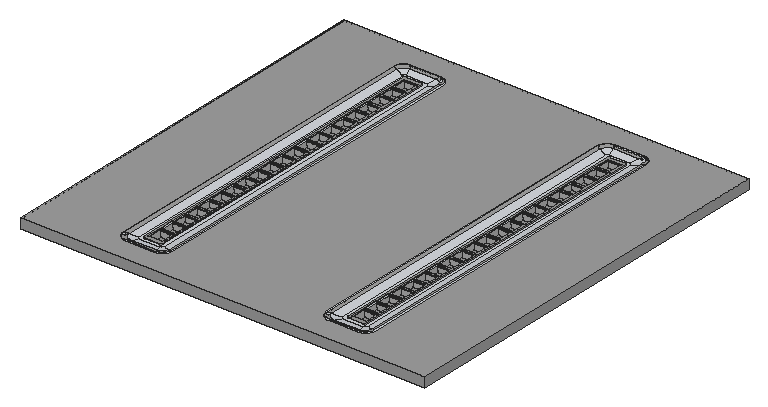
Revit family "0044002 Sylvania Lighting Fixture OptiClip 600 4000K C8 WH SSC WHITE", category Lighting Fixtures, host Face, Revit 2016 (continued)
Automatic sketch dimensions
  Blend 25 sketch curve to plane 64 = 4.7 mm
  Extrusion 26 sketch curve to plane 75 = 0 mm
  Extrusion 26 sketch curve to plane 77 = 0 mm
  Extrusion 26 sketch curve to plane 76 = 0 mm
  Extrusion 26 sketch curve to plane 74 = 0 mm
  Extrusion 27 sketch curve to plane 77 = 0 mm
  Extrusion 27 sketch curve to plane 76 = 0 mm
  plane 33 to Extrusion 27 sketch curve = 4.7 mm
  Extrusion 27 sketch curve to plane 32 = 4.7 mm
  Extrusion 28 sketch curve to plane 77 = 0 mm
  Extrusion 28 sketch curve to plane 76 = 0 mm
  plane 35 to Extrusion 28 sketch curve = 4.655 mm
  Extrusion 28 sketch curve to plane 34 = 4.7 mm
  Extrusion 29 sketch curve to plane 77 = 0 mm
  Extrusion 29 sketch curve to plane 76 = 0 mm
  plane 37 to Extrusion 29 sketch curve = 4.745 mm
  Extrusion 29 sketch curve to plane 36 = 4.7 mm
  Extrusion 30 sketch curve to plane 77 = 0 mm
  Extrusion 30 sketch curve to plane 76 = 0 mm
  plane 39 to Extrusion 30 sketch curve = 4.7 mm
  Extrusion 30 sketch curve to plane 38 = 4.7 mm
  Extrusion 31 sketch curve to plane 77 = 0 mm
  Extrusion 31 sketch curve to plane 76 = 0 mm
  plane 41 to Extrusion 31 sketch curve = 4.7 mm
  Extrusion 31 sketch curve to plane 40 = 4.7 mm
  Extrusion 32 sketch curve to plane 77 = 0 mm
  Extrusion 32 sketch curve to plane 76 = 0 mm
  plane 43 to Extrusion 32 sketch curve = 4.7 mm
  Extrusion 32 sketch curve to plane 42 = 4.7 mm
  Extrusion 33 sketch curve to plane 77 = 0 mm
  Extrusion 33 sketch curve to plane 76 = 0 mm
  plane 45 to Extrusion 33 sketch curve = 4.674 mm
  Extrusion 33 sketch curve to plane 44 = 4.7 mm
  Extrusion 34 sketch curve to plane 77 = 0 mm
  Extrusion 34 sketch curve to plane 76 = 0 mm
  plane 47 to Extrusion 34 sketch curve = 4.726 mm
  Extrusion 34 sketch curve to plane 46 = 4.7 mm
  Extrusion 35 sketch curve to plane 77 = 0 mm
  Extrusion 35 sketch curve to plane 76 = 0 mm
  plane 49 to Extrusion 35 sketch curve = 4.7 mm
  Extrusion 35 sketch curve to plane 48 = 4.7 mm
  Extrusion 36 sketch curve to plane 77 = 0 mm
  Extrusion 36 sketch curve to plane 76 = 0 mm
  plane 51 to Extrusion 36 sketch curve = 4.7 mm
  Extrusion 36 sketch curve to plane 50 = 4.7 mm
  Extrusion 37 sketch curve to plane 77 = 0 mm
  Extrusion 37 sketch curve to plane 76 = 0 mm
  plane 53 to Extrusion 37 sketch curve = 4.7 mm
  Extrusion 37 sketch curve to plane 52 = 4.7 mm
  Extrusion 38 sketch curve to plane 77 = 0 mm
  Extrusion 38 sketch curve to plane 76 = 0 mm
  plane 55 to Extrusion 38 sketch curve = 4.7 mm
  Extrusion 38 sketch curve to plane 54 = 4.7 mm
  Extrusion 39 sketch curve to plane 77 = 0 mm
  Extrusion 39 sketch curve to plane 76 = 0 mm
  plane 57 to Extrusion 39 sketch curve = 4.655 mm
  Extrusion 39 sketch curve to plane 56 = 4.7 mm
  Extrusion 40 sketch curve to plane 77 = 0 mm
  Extrusion 40 sketch curve to plane 76 = 0 mm
  plane 59 to Extrusion 40 sketch curve = 4.745 mm
  Extrusion 40 sketch curve to plane 58 = 4.7 mm
  Extrusion 41 sketch curve to plane 77 = 0 mm
  Extrusion 41 sketch curve to plane 76 = 0 mm
  plane 61 to Extrusion 41 sketch curve = 4.7 mm
  Extrusion 41 sketch curve to plane 60 = 4.7 mm
  Extrusion 42 sketch curve to plane 77 = 0 mm
  Extrusion 42 sketch curve to plane 76 = 0 mm
  plane 63 to Extrusion 42 sketch curve = 4.7 mm
  Extrusion 42 sketch curve to plane 62 = 4.7 mm
  Extrusion 43 sketch curve to plane 77 = 0 mm
  Extrusion 43 sketch curve to plane 76 = 0 mm
  plane 65 to Extrusion 43 sketch curve = 4.7 mm
  Extrusion 43 sketch curve to plane 64 = 4.7 mm
  Extrusion 44 sketch curve to plane 77 = 0 mm
  Extrusion 44 sketch curve to plane 76 = 0 mm
  plane 67 to Extrusion 44 sketch curve = 4.7 mm
  Extrusion 44 sketch curve to plane 66 = 4.7 mm
  Extrusion 45 sketch curve to plane 77 = 0 mm
  Extrusion 45 sketch curve to plane 76 = 0 mm
  plane 69 to Extrusion 45 sketch curve = 4.7 mm
  Extrusion 45 sketch curve to plane 68 = 4.7 mm
  Extrusion 46 sketch curve to plane 77 = 0 mm
  Extrusion 46 sketch curve to plane 76 = 0 mm
  plane 71 to Extrusion 46 sketch curve = 4.7 mm
  Extrusion 46 sketch curve to plane 70 = 4.7 mm
  plane 25 to Blend 47 sketch curve = 2.5 mm  (x2)
  plane 3 "Center (Left/Right)" to Blend 47 sketch curve = 114 mm
  Blend 47 sketch curve to plane 24 = 1 mm
  Blend 47 sketch curve to Blend 47 sketch curve = 15 mm  (x2)
  Blend 47 sketch curve to Blend 47 sketch curve = 42 mm  (x2)
  plane 20 to Blend 47 sketch curve = 0 mm
  plane 80 to Blend 47 sketch curve = 2 mm  (x2)
  plane 3 "Center (Left/Right)" to Blend 47 sketch curve = 130.5 mm
  plane 25 to Blend 47 sketch curve = 1 mm
  Blend 47 sketch curve to plane 81 = 2.155 mm
  Blend 47 sketch curve to Blend 47 sketch curve = 4 mm
  Blend 47 sketch curve to Blend 47 sketch curve = 30.692 mm
  Blend 47 sketch curve to Blend 47 sketch curve = 0.297 mm
  Blend 47 sketch curve to plane 81 = 2.222 mm
  Blend 47 sketch curve to Blend 47 sketch curve = 3.933 mm
  plane 24 to Blend 48 sketch curve = 0 mm
  plane 22 to Blend 48 sketch curve = 0 mm
  Blend 48 sketch curve to plane 20 = 1.5 mm  (x2)
  plane 25 to Blend 48 sketch curve = 2.5 mm  (x2)
  Blend 48 sketch curve to plane 10 = 110 mm
  Blend 48 sketch curve to Blend 48 sketch curve = 42 mm
  plane 26 to Blend 48 sketch curve = 0 mm
  plane 25 to Blend 48 sketch curve = 0 mm
  Blend 48 sketch curve to plane 81 = 2.155 mm  (x2)
  Blend 48 sketch curve to plane 81 = 2.066 mm
  plane 80 to Blend 48 sketch curve = 2 mm  (x2)
  Blend 48 sketch curve to plane 10 = 126.5 mm
  Blend 48 sketch curve to Blend 48 sketch curve = 3.014 mm
  Blend 48 sketch curve to Blend 48 sketch curve = 31.034 mm
  Blend 48 sketch curve to Blend 48 sketch curve = 30.692 mm
  plane 30 to Extrusion 49 sketch curve = 0 mm
  plane 29 to Extrusion 49 sketch curve = 0 mm
  plane 3 "Center (Left/Right)" to Extrusion 49 sketch curve = 140 mm
  Extrusion 49 sketch curve to Extrusion 49 sketch curve = 22 mm
  Blend 50 sketch curve to plane 67 = 0 mm
  Blend 50 sketch curve to plane 66 = 0 mm
  Blend 50 sketch curve to plane 73 = 0 mm
  Blend 50 sketch curve to plane 72 = 0 mm
  Blend 50 sketch curve to plane 77 = 0 mm
  Blend 50 sketch curve to plane 76 = 0 mm
  plane 67 to Blend 50 sketch curve = 4.7 mm
  Blend 50 sketch curve to plane 66 = 4.7 mm
  Blend 51 sketch curve to plane 69 = 0 mm
  Blend 51 sketch curve to plane 68 = 0 mm
  Blend 51 sketch curve to plane 73 = 0 mm
  Blend 51 sketch curve to plane 72 = 0 mm
  Blend 51 sketch curve to plane 77 = 0 mm
  Blend 51 sketch curve to plane 76 = 0 mm
  plane 69 to Blend 51 sketch curve = 4.7 mm
  Blend 51 sketch curve to plane 68 = 4.7 mm
  Blend 52 sketch curve to plane 71 = 0 mm
  Blend 52 sketch curve to plane 70 = 0 mm
  Blend 52 sketch curve to plane 73 = 0 mm
  Blend 52 sketch curve to plane 72 = 0 mm
  Blend 52 sketch curve to plane 77 = 0 mm
  Blend 52 sketch curve to plane 76 = 0 mm
  plane 71 to Blend 52 sketch curve = 4.7 mm
  Blend 52 sketch curve to plane 70 = 4.7 mm
  plane 82 to Extrusion 53 sketch curve = 0 mm  (x2)
  Extrusion 53 sketch curve to plane 80 = 0 mm
  plane 81 to Extrusion 53 sketch curve = 0 mm
  plane 3 "Center (Left/Right)" to Extrusion 53 sketch curve = 137.5 mm
  Extrusion 53 sketch curve to plane 30 = 1.726 mm
  Extrusion 53 sketch curve to Extrusion 53 sketch curve = 2.284 mm
  Extrusion 53 sketch curve to Extrusion 53 sketch curve = 22 mm
  Extrusion 53 sketch curve to plane 30 = 1.536 mm
  Extrusion 53 sketch curve to Extrusion 53 sketch curve = 2.456 mm
  plane 31 to Blend 54 sketch curve = 0 mm
  Blend 54 sketch curve to plane 29 = 1.75 mm
  Blend 54 sketch curve to plane 10 = 133.539 mm
  Blend 54 sketch curve to Blend 54 sketch curve = 20.961 mm
  plane 75 to Blend 54 sketch curve = 0 mm
  plane 74 to Blend 54 sketch curve = 0 mm
  Blend 54 sketch curve to plane 10 = 138.039 mm
  Blend 54 sketch curve to Blend 54 sketch curve = 11.961 mm
  plane 33 to Blend 55 sketch curve = 0 mm
  plane 32 to Blend 55 sketch curve = 0 mm
  Blend 55 sketch curve to plane 10 = 133.539 mm
  Blend 55 sketch curve to Blend 55 sketch curve = 20.961 mm
  plane 33 to Blend 55 sketch curve = 4.7 mm
  Blend 55 sketch curve to plane 32 = 4.7 mm
  Blend 55 sketch curve to plane 10 = 138.039 mm
  Blend 55 sketch curve to Blend 55 sketch curve = 11.961 mm
  plane 34 to Blend 56 sketch curve = 0 mm
  Blend 56 sketch curve to plane 35 = 0.045 mm
  Blend 56 sketch curve to plane 10 = 133.539 mm
  Blend 56 sketch curve to Blend 56 sketch curve = 20.961 mm
  plane 35 to Blend 56 sketch curve = 4.655 mm
  Blend 56 sketch curve to plane 34 = 4.7 mm
  Blend 56 sketch curve to plane 10 = 138.039 mm
  Blend 56 sketch curve to Blend 56 sketch curve = 11.961 mm
  plane 36 to Blend 57 sketch curve = 0 mm
  plane 37 to Blend 57 sketch curve = 0.045 mm
  Blend 57 sketch curve to plane 10 = 133.539 mm
  Blend 57 sketch curve to Blend 57 sketch curve = 20.961 mm
  plane 37 to Blend 57 sketch curve = 4.745 mm
  Blend 57 sketch curve to plane 36 = 4.7 mm
  Blend 57 sketch curve to plane 10 = 138.039 mm
  Blend 57 sketch curve to Blend 57 sketch curve = 11.961 mm
  plane 39 to Blend 58 sketch curve = 0 mm
  plane 38 to Blend 58 sketch curve = 0 mm
  Blend 58 sketch curve to plane 10 = 133.539 mm
  Blend 58 sketch curve to Blend 58 sketch curve = 20.961 mm
  plane 39 to Blend 58 sketch curve = 4.7 mm
  Blend 58 sketch curve to plane 38 = 4.7 mm
  Blend 58 sketch curve to plane 10 = 138.039 mm
  Blend 58 sketch curve to Blend 58 sketch curve = 11.961 mm
  plane 41 to Blend 59 sketch curve = 0 mm
  plane 40 to Blend 59 sketch curve = 0 mm
  Blend 59 sketch curve to plane 10 = 133.539 mm
  Blend 59 sketch curve to Blend 59 sketch curve = 20.961 mm
  plane 41 to Blend 59 sketch curve = 4.7 mm
  Blend 59 sketch curve to plane 40 = 4.7 mm
  Blend 59 sketch curve to plane 10 = 138.039 mm
  Blend 59 sketch curve to Blend 59 sketch curve = 11.961 mm
  plane 43 to Blend 60 sketch curve = 0 mm
  plane 42 to Blend 60 sketch curve = 0 mm
  Blend 60 sketch curve to plane 10 = 133.539 mm
  Blend 60 sketch curve to Blend 60 sketch curve = 20.961 mm
  plane 43 to Blend 60 sketch curve = 4.7 mm
  Blend 60 sketch curve to plane 42 = 4.7 mm
  Blend 60 sketch curve to plane 10 = 138.039 mm
  Blend 60 sketch curve to Blend 60 sketch curve = 11.961 mm
  plane 44 to Blend 61 sketch curve = 0 mm
  Blend 61 sketch curve to plane 45 = 0.026 mm
  Blend 61 sketch curve to plane 10 = 133.539 mm
  Blend 61 sketch curve to Blend 61 sketch curve = 20.961 mm
  plane 45 to Blend 61 sketch curve = 4.674 mm
  Blend 61 sketch curve to plane 44 = 4.7 mm
  Blend 61 sketch curve to plane 10 = 138.039 mm
  Blend 61 sketch curve to Blend 61 sketch curve = 11.961 mm
  plane 46 to Blend 62 sketch curve = 0 mm
  plane 47 to Blend 62 sketch curve = 0.026 mm
  Blend 62 sketch curve to plane 10 = 133.539 mm
  Blend 62 sketch curve to Blend 62 sketch curve = 20.961 mm
  plane 47 to Blend 62 sketch curve = 4.726 mm
  Blend 62 sketch curve to plane 46 = 4.7 mm
  Blend 62 sketch curve to plane 10 = 138.039 mm
  Blend 62 sketch curve to Blend 62 sketch curve = 11.961 mm
  plane 49 to Blend 63 sketch curve = 0 mm
  plane 48 to Blend 63 sketch curve = 0 mm
  Blend 63 sketch curve to plane 10 = 133.539 mm
  Blend 63 sketch curve to Blend 63 sketch curve = 20.961 mm
  plane 49 to Blend 63 sketch curve = 4.7 mm
  Blend 63 sketch curve to plane 48 = 4.7 mm
  Blend 63 sketch curve to plane 10 = 138.039 mm
  Blend 63 sketch curve to Blend 63 sketch curve = 11.961 mm
  plane 51 to Blend 64 sketch curve = 0 mm
  plane 50 to Blend 64 sketch curve = 0 mm
  Blend 64 sketch curve to plane 10 = 133.539 mm
  Blend 64 sketch curve to Blend 64 sketch curve = 20.961 mm
  plane 51 to Blend 64 sketch curve = 4.7 mm
  Blend 64 sketch curve to plane 50 = 4.7 mm
  Blend 64 sketch curve to plane 10 = 138.039 mm
  Blend 64 sketch curve to Blend 64 sketch curve = 11.961 mm
  plane 53 to Blend 65 sketch curve = 0 mm
  plane 52 to Blend 65 sketch curve = 0 mm
  Blend 65 sketch curve to plane 10 = 133.539 mm
  Blend 65 sketch curve to Blend 65 sketch curve = 20.961 mm
  plane 53 to Blend 65 sketch curve = 4.7 mm
  Blend 65 sketch curve to plane 52 = 4.7 mm
  Blend 65 sketch curve to plane 10 = 138.039 mm
  Blend 65 sketch curve to Blend 65 sketch curve = 11.961 mm
  plane 55 to Blend 66 sketch curve = 0 mm
  plane 54 to Blend 66 sketch curve = 0 mm
  Blend 66 sketch curve to plane 10 = 133.539 mm
  Blend 66 sketch curve to Blend 66 sketch curve = 20.961 mm
  plane 55 to Blend 66 sketch curve = 4.7 mm
  Blend 66 sketch curve to plane 54 = 4.7 mm
  Blend 66 sketch curve to plane 10 = 138.039 mm
  Blend 66 sketch curve to Blend 66 sketch curve = 11.961 mm
  plane 56 to Blend 67 sketch curve = 0 mm
  Blend 67 sketch curve to plane 57 = 0.045 mm
  Blend 67 sketch curve to plane 10 = 133.539 mm
  Blend 67 sketch curve to Blend 67 sketch curve = 20.961 mm
  plane 57 to Blend 67 sketch curve = 4.655 mm
  Blend 67 sketch curve to plane 56 = 4.7 mm
  Blend 67 sketch curve to plane 10 = 138.039 mm
  Blend 67 sketch curve to Blend 67 sketch curve = 11.961 mm
  plane 58 to Blend 68 sketch curve = 0 mm
  plane 59 to Blend 68 sketch curve = 0.045 mm
  Blend 68 sketch curve to plane 10 = 133.539 mm
  Blend 68 sketch curve to Blend 68 sketch curve = 20.961 mm
  plane 59 to Blend 68 sketch curve = 4.745 mm
  Blend 68 sketch curve to plane 58 = 4.7 mm
  Blend 68 sketch curve to plane 10 = 138.039 mm
  Blend 68 sketch curve to Blend 68 sketch curve = 11.961 mm
  plane 61 to Blend 69 sketch curve = 0 mm
  plane 60 to Blend 69 sketch curve = 0 mm
  Blend 69 sketch curve to plane 10 = 133.539 mm
  Blend 69 sketch curve to Blend 69 sketch curve = 20.961 mm
  plane 61 to Blend 69 sketch curve = 4.7 mm
  Blend 69 sketch curve to plane 60 = 4.7 mm
  Blend 69 sketch curve to plane 10 = 138.039 mm
  Blend 69 sketch curve to Blend 69 sketch curve = 11.961 mm
  plane 63 to Blend 70 sketch curve = 0 mm
  plane 62 to Blend 70 sketch curve = 0 mm
  Blend 70 sketch curve to plane 10 = 133.539 mm
  Blend 70 sketch curve to Blend 70 sketch curve = 20.961 mm
  plane 63 to Blend 70 sketch curve = 4.7 mm
  Blend 70 sketch curve to plane 62 = 4.7 mm
  Blend 70 sketch curve to plane 10 = 138.039 mm
  Blend 70 sketch curve to Blend 70 sketch curve = 11.961 mm
  plane 65 to Blend 71 sketch curve = 0 mm
  plane 64 to Blend 71 sketch curve = 0 mm
  Blend 71 sketch curve to plane 10 = 133.539 mm
  Blend 71 sketch curve to Blend 71 sketch curve = 20.961 mm
  plane 65 to Blend 71 sketch curve = 4.7 mm
  Blend 71 sketch curve to plane 64 = 4.7 mm
  Blend 71 sketch curve to plane 10 = 138.039 mm
  Blend 71 sketch curve to Blend 71 sketch curve = 11.961 mm
  plane 67 to Blend 72 sketch curve = 0 mm
  plane 66 to Blend 72 sketch curve = 0 mm
  Blend 72 sketch curve to plane 10 = 133.539 mm
  Blend 72 sketch curve to Blend 72 sketch curve = 20.961 mm
  plane 67 to Blend 72 sketch curve = 4.7 mm
  Blend 72 sketch curve to plane 66 = 4.7 mm
  Blend 72 sketch curve to plane 10 = 138.039 mm
  Blend 72 sketch curve to Blend 72 sketch curve = 11.961 mm
  plane 69 to Blend 73 sketch curve = 0 mm
  plane 68 to Blend 73 sketch curve = 0 mm
  Blend 73 sketch curve to plane 10 = 133.539 mm
  Blend 73 sketch curve to Blend 73 sketch curve = 20.961 mm
  plane 69 to Blend 73 sketch curve = 4.7 mm
  Blend 73 sketch curve to plane 68 = 4.7 mm
  Blend 73 sketch curve to plane 10 = 138.039 mm
  Blend 73 sketch curve to Blend 73 sketch curve = 11.961 mm
  plane 71 to Blend 74 sketch curve = 0 mm
  plane 70 to Blend 74 sketch curve = 0 mm
  Blend 74 sketch curve to plane 10 = 133.539 mm
  Blend 74 sketch curve to Blend 74 sketch curve = 20.961 mm
  plane 71 to Blend 74 sketch curve = 4.7 mm
  Blend 74 sketch curve to plane 70 = 4.7 mm
  Blend 74 sketch curve to plane 10 = 138.039 mm
  Blend 74 sketch curve to Blend 74 sketch curve = 11.961 mm
  plane 75 to Extrusion 75 sketch curve = 0 mm
  plane 74 to Extrusion 75 sketch curve = 0 mm
  plane 3 "Center (Left/Right)" to Extrusion 75 sketch curve = 145 mm
  Extrusion 75 sketch curve to Extrusion 75 sketch curve = 11.961 mm
  plane 33 to Extrusion 76 sketch curve = 4.7 mm
  plane 3 "Center (Left/Right)" to Extrusion 76 sketch curve = 145 mm
  Extrusion 76 sketch curve to Extrusion 76 sketch curve = 11.961 mm
  Extrusion 76 sketch curve to plane 32 = 4.7 mm
  plane 35 to Extrusion 77 sketch curve = 4.655 mm
  plane 3 "Center (Left/Right)" to Extrusion 77 sketch curve = 145 mm
  Extrusion 77 sketch curve to Extrusion 77 sketch curve = 11.961 mm
  Extrusion 77 sketch curve to plane 34 = 4.7 mm
  plane 37 to Extrusion 78 sketch curve = 4.745 mm
  plane 3 "Center (Left/Right)" to Extrusion 78 sketch curve = 145 mm
  Extrusion 78 sketch curve to Extrusion 78 sketch curve = 11.961 mm
  Extrusion 78 sketch curve to plane 36 = 4.7 mm
  plane 39 to Extrusion 79 sketch curve = 4.7 mm
  plane 3 "Center (Left/Right)" to Extrusion 79 sketch curve = 145 mm
  Extrusion 79 sketch curve to Extrusion 79 sketch curve = 11.961 mm
  Extrusion 79 sketch curve to plane 38 = 4.7 mm
  plane 41 to Extrusion 80 sketch curve = 4.7 mm
  plane 3 "Center (Left/Right)" to Extrusion 80 sketch curve = 145 mm
  Extrusion 80 sketch curve to Extrusion 80 sketch curve = 11.961 mm
  Extrusion 80 sketch curve to plane 40 = 4.7 mm
  plane 43 to Extrusion 81 sketch curve = 4.7 mm
  plane 3 "Center (Left/Right)" to Extrusion 81 sketch curve = 145 mm
  Extrusion 81 sketch curve to Extrusion 81 sketch curve = 11.961 mm
  Extrusion 81 sketch curve to plane 42 = 4.7 mm
  plane 45 to Extrusion 82 sketch curve = 4.674 mm
  plane 3 "Center (Left/Right)" to Extrusion 82 sketch curve = 145 mm
  Extrusion 82 sketch curve to Extrusion 82 sketch curve = 11.961 mm
  Extrusion 82 sketch curve to plane 44 = 4.7 mm
  plane 47 to Extrusion 83 sketch curve = 4.726 mm
  plane 3 "Center (Left/Right)" to Extrusion 83 sketch curve = 145 mm
  Extrusion 83 sketch curve to Extrusion 83 sketch curve = 11.961 mm
  Extrusion 83 sketch curve to plane 46 = 4.7 mm
  plane 49 to Extrusion 84 sketch curve = 4.7 mm
  plane 3 "Center (Left/Right)" to Extrusion 84 sketch curve = 145 mm
  Extrusion 84 sketch curve to Extrusion 84 sketch curve = 11.961 mm
  Extrusion 84 sketch curve to plane 48 = 4.7 mm
  plane 51 to Extrusion 85 sketch curve = 4.7 mm
  plane 3 "Center (Left/Right)" to Extrusion 85 sketch curve = 145 mm
  Extrusion 85 sketch curve to Extrusion 85 sketch curve = 11.961 mm
  Extrusion 85 sketch curve to plane 50 = 4.7 mm
  plane 53 to Extrusion 86 sketch curve = 4.7 mm
  plane 3 "Center (Left/Right)" to Extrusion 86 sketch curve = 145 mm
  Extrusion 86 sketch curve to Extrusion 86 sketch curve = 11.961 mm
  Extrusion 86 sketch curve to plane 52 = 4.7 mm
  plane 55 to Extrusion 87 sketch curve = 4.7 mm
  plane 3 "Center (Left/Right)" to Extrusion 87 sketch curve = 145 mm
  Extrusion 87 sketch curve to Extrusion 87 sketch curve = 11.961 mm
  Extrusion 87 sketch curve to plane 54 = 4.7 mm
  plane 57 to Extrusion 88 sketch curve = 4.655 mm
  plane 3 "Center (Left/Right)" to Extrusion 88 sketch curve = 145 mm
  Extrusion 88 sketch curve to Extrusion 88 sketch curve = 11.961 mm
  Extrusion 88 sketch curve to plane 56 = 4.7 mm
  plane 59 to Extrusion 89 sketch curve = 4.745 mm
  plane 3 "Center (Left/Right)" to Extrusion 89 sketch curve = 145 mm
  Extrusion 89 sketch curve to Extrusion 89 sketch curve = 11.961 mm
  Extrusion 89 sketch curve to plane 58 = 4.7 mm
  plane 61 to Extrusion 90 sketch curve = 4.7 mm
  plane 3 "Center (Left/Right)" to Extrusion 90 sketch curve = 145 mm
  Extrusion 90 sketch curve to Extrusion 90 sketch curve = 11.961 mm
  Extrusion 90 sketch curve to plane 60 = 4.7 mm
  plane 63 to Extrusion 91 sketch curve = 4.7 mm
  plane 3 "Center (Left/Right)" to Extrusion 91 sketch curve = 145 mm
  Extrusion 91 sketch curve to Extrusion 91 sketch curve = 11.961 mm
  Extrusion 91 sketch curve to plane 62 = 4.7 mm
  plane 65 to Extrusion 92 sketch curve = 4.7 mm
  plane 3 "Center (Left/Right)" to Extrusion 92 sketch curve = 145 mm
  Extrusion 92 sketch curve to Extrusion 92 sketch curve = 11.961 mm
  Extrusion 92 sketch curve to plane 64 = 4.7 mm
  plane 67 to Extrusion 93 sketch curve = 4.7 mm
  plane 3 "Center (Left/Right)" to Extrusion 93 sketch curve = 145 mm
  Extrusion 93 sketch curve to Extrusion 93 sketch curve = 11.961 mm
  Extrusion 93 sketch curve to plane 66 = 4.7 mm
  plane 69 to Extrusion 94 sketch curve = 4.7 mm
  plane 3 "Center (Left/Right)" to Extrusion 94 sketch curve = 145 mm
  Extrusion 94 sketch curve to Extrusion 94 sketch curve = 11.961 mm
  Extrusion 94 sketch curve to plane 68 = 4.7 mm
  plane 71 to Extrusion 95 sketch curve = 4.7 mm
  plane 3 "Center (Left/Right)" to Extrusion 95 sketch curve = 145 mm
  Extrusion 95 sketch curve to Extrusion 95 sketch curve = 11.961 mm
  Extrusion 95 sketch curve to plane 70 = 4.7 mm
  Extrusion 96 sketch curve to plane 7 = 0 mm
  plane 8 to Extrusion 96 sketch curve = 0 mm
  plane 6 to Extrusion 96 sketch curve = 0 mm
  plane 5 to Extrusion 96 sketch curve = 0 mm
Connectors
  electrical at (0, 0, -1.008)
    settings: on cut or joined group of Extrusion 2, Extrusion 3, Blend 5, Blend 48, index 1, voltage 0 V, apparent load 0 VA, apparent load phase1 0 VA, apparent load phase2 0 VA, apparent load phase3 0 VA, power factor 1, load classification "Other", number of poles 1, system type 31, power factor state 1, is connector primary yes, connector utility no, sub classification motor no, connector description ""
